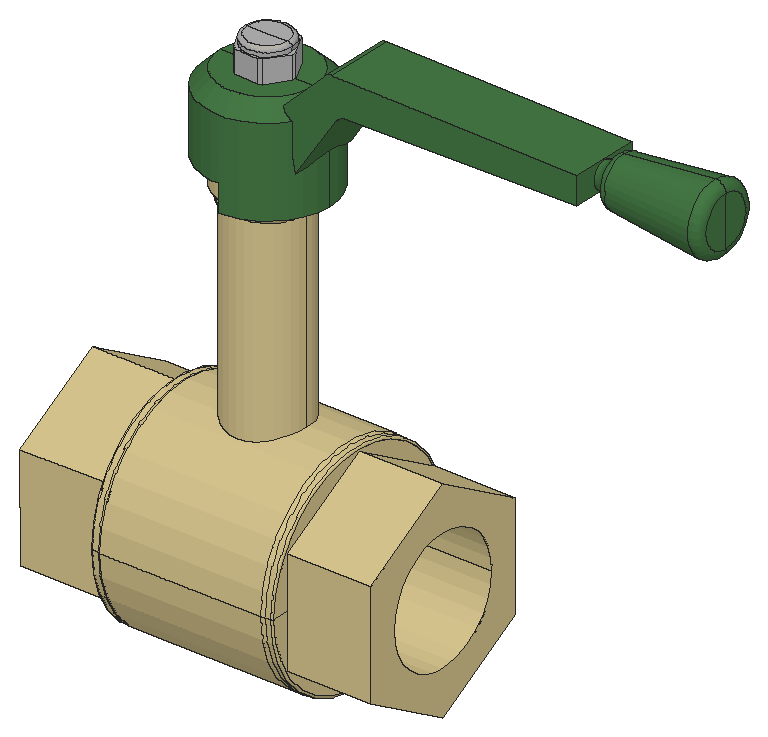
Revit family "QD24170000", category Apparecchi idraulici, Revit 2016
Family settings
  Tipo di parte = Normale
  Quota connettore circolare = Usa diametro
  Numero OmniClass = 23.45.00.00
  Titolo OmniClass = Sanitary, Laundry, and Cleaning Equipment
  Basato su piano di lavoro = No
  Sempre verticale = Sì
  Taglio con vuoti quando caricato = No
  Condiviso = No
  Punto di calcolo locali = No
Parameters
  URL = "https://web.cimberio.it/index.php/figura/1477?subcategoria_id=102"
  Produttore = "CIMBERIO SPA"
  DN Model [instance] = QD24171032 : QD24171032
  DN [instance] = 32 mm
Reference planes
  plane 1 "Centro (Fronte/Retro)": y = 0
  plane 2: z = 0
  plane 3 "Centro (Sinistra/Destra)": x = 0
Dimensions and locks
  aligned and locked: level to plane 2
Nested families
  nested 1: "QD24171032" at (0, 0, 0), type <- "DN Model", type "QD24171032"
    with DN 10 mm
  nested 2: "QD24171032" at (0, 0, 0), type <- "DN Model", type "QD24171032"
    with DN 10 mm
  nested 3: "QD24171032" at (0, 0, 0), type <- "DN Model", type "QD24171032"
    with DN 10 mm
  nested 4: "QD24171032" at (0, 0, 0), type <- "DN Model", type "QD24171032"
    with DN 10 mm
  nested 5: "QD24171032" at (0, 0, 0), type <- "DN Model", type "QD24171032"
    with DN 10 mm
  nested 6: "QD24171032" at (0, 0, 0), type <- "DN Model", type "QD24171032"
    with DN 10 mm
Connectors
  piping at (45.85, 0, 0), diameter 32, driven by "DN"
    settings: on nested 1, index 1, connector inside diameter 609.6 mm, connector length 0 mm, flow factor 0, pipe flow 0.0 L/s, pressure drop 0.0 Pa, fitting loss kfactor 0, connector angle 0.00°, fixture units 0, engagement length 0 mm, angle of deflection 0.00°, flow configuration 0, flow direction 0, fitting loss method 0, system type 7, joint type 0, gender type 0, connector reference index -1, connector utility 0, adjustable connector no, is connector primary yes, connector description ""
  piping at (-45.85, 0, 0), diameter 32, driven by "DN"
    settings: on nested 1, index 2, connector inside diameter 609.6 mm, connector length 0 mm, flow factor 0, pipe flow 0.0 L/s, pressure drop 0.0 Pa, fitting loss kfactor 0, connector angle 0.00°, fixture units 0, engagement length 0 mm, angle of deflection 0.00°, flow configuration 0, flow direction 0, fitting loss method 0, system type 7, joint type 0, gender type 0, connector reference index -1, connector utility 0, adjustable connector no, is connector primary no, connector description ""
Definition of nested family "QD24171032"
  Parameters (values of type "QD24171032")
    DN [instance] = 10 mm  # constant formula
  Reference planes
    plane 1 "Centro (Fronte/Retro)": y = 0
    plane 2: z = 0
    plane 3 "Centro (Sinistra/Destra)": x = 0
  Forms (mm)
    Revolve 1, solid
      sketch origin (0, 0, 0) x (1, 0, 0) y (0, 1, 0)
        loop
          arc (23.85, 27.75) -> (23.704, 28.104) -> (23.35, 28.25) r 0.5
          line (23.35, 28.25) -> (21.828, 28.25) -> (20.895, 28.5) -> (-21.151, 28.5) -> (-21.969, 28.25) -> (-23.35, 28.25)
          arc (-23.35, 28.25) -> (-23.704, 28.104) -> (-23.85, 27.75) r 0.5
          line (-23.85, 27.75) -> (-23.85, 16) -> (23.85, 16) -> (23.85, 27.75)
        axis (-23.85, 0) -> (23.85, 0)
      angle from 0 to 360
    Revolve 2, solid
      sketch origin (0, 0, 18.5) x (1, 0, 0) y (0, 0, 1)
        loop
          line (0, 69) -> (0, -1.967) -> (10.25, -1.967) -> (10.25, 60)
          arc (10.25, 60) -> (10.783, 60.251) -> (11, 60.798) r 0.8
          line (11, 60.798) -> (11, 69) -> (0, 69)
        axis (0, 69) -> (0, -1.967)
      angle from 0 to 360
    Extrusion 3, solid
      sketch origin (0, 0, 18.5) x (1, 0, 0) y (0, 0, 1)
        loop
          line (-16.001, 69) -> (-16.001, 63.767)
          arc (-16.001, 63.767) -> (-15.794, 63.159) -> (-15.26, 62.801) r 1
          line (-15.26, 62.801) -> (-9.887, 61.362) -> (-9.887, 69) -> (-16.001, 69)
      from 0 to 1.289
    Extrusion 4, solid
      sketch origin (0, 0, 47.05) x (1, 0, 0) y (0, 1, 0)
        loop
          line (5.202, 9.01) -> (-5.202, 9.01) -> (-10.404, 0) -> (-5.202, -9.01) -> (5.202, -9.01) -> (10.404, 0) -> (5.202, 9.01)
      from 40.45 to 48.35
    Extrusion 5, solid
      sketch origin (-11, 0, 0) x (0, 0, 1) y (0, 1, 0)
        loop
          circle (0, 0) r 16
        loop
          line (27.4, 0) -> (13.7, 23.729) -> (-13.7, 23.729) -> (-27.4, 0) -> (-13.7, -23.729) -> (13.7, -23.729) -> (27.4, 0)
      from 12.85 to 34.85
    Extrusion 6, solid
      sketch origin (11, 0, 0) x (0, 0, 1) y (0, -1, 0)
        loop
          circle (0, 0) r 16
        loop
          line (27.4, 0) -> (13.7, 23.729) -> (-13.7, 23.729) -> (-27.4, 0) -> (-13.7, -23.729) -> (13.7, -23.729) -> (27.4, 0)
      from 12.85 to 34.85
    Revolve 7, solid
      sketch origin (0, 0, 0) x (1, 0, 0) y (0, 0, 1)
        loop
          line (0, 109) -> (-12.25, 109) -> (-16.25, 105) -> (-16.171, 82) -> (0, 82) -> (0, 109)
        axis (0, 109) -> (0, 82)
      angle from 0 to 360
    Extrusion 8, solid
      sketch origin (0, 0, 0) x (1, 0, 0) y (0, 0, 1)
        loop
          line (11.393, 107.893) -> (14.666, 93.047) -> (25.275, 109.383)
          arc (25.275, 109.383) -> (26.161, 110.209) -> (27.331, 110.521) r 2.5
          line (27.331, 110.521) -> (88.127, 111.5) -> (88.127, 118.5) -> (24.058, 119.484)
          arc (24.058, 119.484) -> (22.936, 119.24) -> (22.032, 118.532) r 2.573
          line (22.032, 118.532) -> (11.393, 107.893)
      from -9.01 to 9.01
    Revolve 9, solid
      sketch origin (0, 0, 0) x (1, 0, 0) y (0, 0, 1)
        loop
          line (5.25, 117) -> (0, 117) -> (0, 115) -> (6.25, 115) -> (6.25, 116)
          arc (6.25, 116) -> (5.957, 116.707) -> (5.25, 117) r 1
        axis (0, 117) -> (0, 115)
      angle from 0 to 360
    Revolve 10, solid
      sketch origin (0, 0, 0) x (1, 0, 0) y (0, 0, 1)
        loop
          line (88.127, 115) -> (120, 115) -> (120, 121.527)
          arc (120, 121.527) -> (119.173, 123.37) -> (117.254, 124) r 2.5
          line (117.254, 124) -> (93.442, 121.643)
          arc (93.442, 121.643) -> (92.263, 121.237) -> (91.467, 120.276) r 2.305
          arc (91.467, 120.276) -> (90.021, 118.967) -> (88.127, 118.5) r 3.99
          line (88.127, 118.5) -> (88.127, 115)
        axis (88.127, 115) -> (120, 115)
      angle from 0 to 360
    Extrusion 11, solid
      sketch origin (0, 0, 28.55) x (1, 0, 0) y (0, 1, 0)
        loop
          line (-2.825, 6.677) -> (-3.663, 6.257) -> (-7.195, 0.892) -> (-7.25, -0.044) -> (-4.37, -5.785) -> (-3.587, -6.301) -> (2.825, -6.677) -> (3.663, -6.257) -> (7.195, -0.892) -> (7.25, 0.044) -> (4.37, 5.785) -> (3.587, 6.301) -> (-2.825, 6.677)
      from 80.45 to 86.45
    Extrusion 12, void
      sketch origin (0, 0, 28.55) x (1, 0, 0) y (0, 1, 0)
        loop
          line (-12.25, 0) -> (-17.25, 0)
          arc (-17.25, 0) -> (-12.198, -12.198) -> (0, -17.25) r 17.25
          line (0, -17.25) -> (0, -12.25)
          arc (0, -12.25) -> (-8.662, -8.662) -> (-12.25, 0) r 12.25
      from 52.097 to 60.45
  Cuts and joins
    Extrusion 12 cuts Revolve 7
  Dimensions and locks
    aligned and locked: level to plane 2
